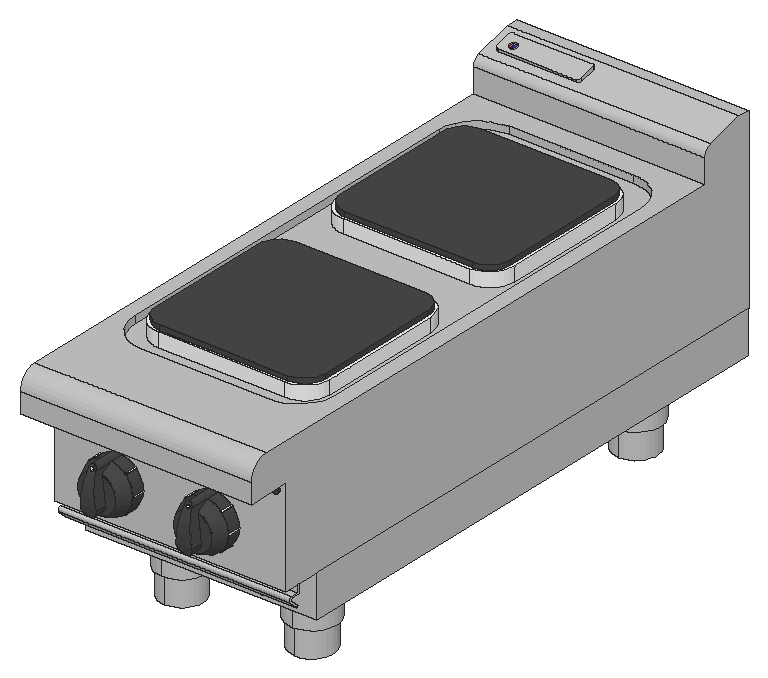
Revit family "QF_Moffat_RNL8200SE-B_Electric_Cooktops_Sealed_Hobs_cat", category Specialty Equipment, Revit 2019
Family settings
  Round Connector Dimension = Use Diameter
  Part Type = Normal
  Work Plane-Based = No
  Always vertical = Yes
  Cut with Voids When Loaded = No
  Shared = No
  Room Calculation Point = No
Parameters (values of type "RNL8200SE-B")
  Weight in Kilograms = 32
  Watts = 5060 W
  Volts = 230 V
  URL Cutsheet = ""
  Specification by User = ""
  Specification by Manufacturer = ""
  Serial Number = ""
  Seismic Rating = ""
  SMACNA No = ""
  Revision Code = ""
  Phase = 2
  Number of Poles = 1
  NAFEM Spec ID Number = ""
  Model = "RNL8200SE-B"
  Min Ckt Ampacity = 0 A
  Max Overcurrent Protection = 0 A
  Masterspec = ""
  Manufacturer = "Moffat"
  Length = 300 mm
  Item Number = ""
  Installed By = ""
  Identify Quantity as Lot = yes
  Height = 370 mm
  HP = ""
  Furnished By = ""
  Foodservice Equipment Identifier = yes
  FL Amps = 22 A
  Electrical Remarks = ""
  Electric Connection Type = ""
  Elec Conn RI Height = 0 mm
  Elec Conn Connection Height = 0 mm
  Description = "Electric Cooktops Sealed Hobs"
  Depth = 805 mm
  Cycle = 50 Hz
  Conn Plug = ""
  Conn Conduit = yes
  CSI MasterFormat = ""
  Apparent Power = if(Phase = 3, Volts * FL Amps * 1.73, Volts * FL Amps)  # 5060 VA
Reference planes
  plane 1 "BACK": y = 0
  plane 2: z = 0
  plane 3 "LEFT": x = 0
  plane 4 "RIGHT": x = 300
  plane 5 "FRONT": y = -805
  plane 6 "TOP": z = 315
  plane 7 "Center Y": x = 150
  plane 8 "Center X": y = -402.5
  plane 9: x = 65.5
  plane 10: x = 234.5
  plane 11: x = 87.5
  plane 12: x = 211.766
  plane 13: y = -30
  plane 14: x = 170
  plane 15: y = -625
  plane 16: y = -100
  plane 17: z = 370
Forms (mm)
  Extrusion 1, solid, material "QF_Metal_Stainless_Polished"
    sketch origin (0, 0, 0) x (0, 1, 0) y (0, 0, 1)
      loop
        line (0, 140) -> (0, 370) -> (-15, 370) -> (-61.106, 357.646)
        arc (-61.106, 357.646) -> (-67.52, 353.36) -> (-70, 346.055) r 12
        line (-70, 346.055) -> (-70, 315) -> (-781, 315)
        arc (-781, 315) -> (-797.971, 307.971) -> (-805, 291) r 24
        line (-805, 291) -> (-805, 266) -> (-749, 266) -> (-749, 140) -> (0, 140)
    from 0 to 300
  Extrusion 2, void
    sketch origin (0, -781, 315) x (0, 1, 0) y (-1, 0, 0)
      loop
        arc (680.8, -69) -> (666.155, -33.645) -> (630.8, -19) r 50
        line (630.8, -19) -> (137.799, -19)
        arc (137.799, -19) -> (102.444, -33.645) -> (87.799, -69) r 50
        line (87.799, -69) -> (87.799, -231)
        arc (87.799, -231) -> (102.444, -266.355) -> (137.799, -281) r 50
        line (137.799, -281) -> (630.8, -281)
        arc (630.8, -281) -> (666.155, -266.355) -> (680.8, -231) r 50
        line (680.8, -231) -> (680.8, -69)
    from 0 to -9.5
  Extrusion 3, solid, material "QF_Plastic_White_Smooth"
    sketch origin (0, -781, 305.5) x (0, 1, 0) y (-1, 0, 0)
      loop
        arc (643.009, -68) -> (633.637, -45.373) -> (611.009, -36) r 32
        line (611.009, -36) -> (446.995, -36)
        arc (446.995, -36) -> (424.368, -45.373) -> (414.995, -68) r 32
        line (414.995, -68) -> (414.995, -232)
        arc (414.995, -232) -> (424.368, -254.627) -> (446.995, -264) r 32
        line (446.995, -264) -> (611.009, -264)
        arc (611.009, -264) -> (633.637, -254.627) -> (643.009, -232) r 32
        line (643.009, -232) -> (643.009, -68)
      loop
        arc (343.009, -68) -> (333.636, -45.373) -> (311.009, -36) r 32
        line (311.009, -36) -> (147.026, -36)
        arc (147.026, -36) -> (124.398, -45.373) -> (115.026, -68) r 32
        line (115.026, -68) -> (115.026, -232)
        arc (115.026, -232) -> (124.398, -254.627) -> (147.026, -264) r 32
        line (147.026, -264) -> (311.009, -264)
        arc (311.009, -264) -> (333.636, -254.627) -> (343.009, -232) r 32
        line (343.009, -232) -> (343.009, -68)
    from 0 to 17.8
  Extrusion 4, solid, material "QF_Plastic_Black_Smooth"
    sketch origin (0, -781, 323.3) x (0, 1, 0) y (-1, 0, 0)
      loop
        arc (639.009, -67) -> (631.101, -47.908) -> (612.009, -40) r 27
        line (612.009, -40) -> (445.995, -40)
        arc (445.995, -40) -> (426.903, -47.908) -> (418.995, -67) r 27
        line (418.995, -67) -> (418.995, -233)
        arc (418.995, -233) -> (426.903, -252.092) -> (445.995, -260) r 27
        line (445.995, -260) -> (612.009, -260)
        arc (612.009, -260) -> (631.101, -252.092) -> (639.009, -233) r 27
        line (639.009, -233) -> (639.009, -67)
      loop
        arc (339.009, -67) -> (331.1, -47.908) -> (312.009, -40) r 27
        line (312.009, -40) -> (146.026, -40)
        arc (146.026, -40) -> (126.934, -47.908) -> (119.026, -67) r 27
        line (119.026, -67) -> (119.026, -233)
        arc (119.026, -233) -> (126.934, -252.092) -> (146.026, -260) r 27
        line (146.026, -260) -> (312.009, -260)
        arc (312.009, -260) -> (331.1, -252.092) -> (339.009, -233) r 27
        line (339.009, -233) -> (339.009, -67)
    from 0 to 6.1
  Extrusion 5, solid, material "QF_Metal_Stainless_Polished"
    sketch origin (0, 0, 0) x (0, 1, 0) y (0, 0, 1)
      loop
        line (-699, 85) -> (0, 85) -> (0, 140) -> (-699, 140) -> (-699, 85)
    from 0 to 300
  Extrusion 6, solid, material "QF_Metal_Stainless_Polished"
    sketch origin (0, 0, 0) x (0, 1, 0) y (0, 0, 1)
      loop
        line (-730.6, 140) -> (-730.6, 130) -> (-740.105, 130)
        arc (-740.105, 130) -> (-743.076, 128.015) -> (-742.379, 124.511) r 3.215
        line (-742.379, 124.511) -> (-731.85, 113.982) -> (-730.719, 115.113) -> (-741.247, 125.642)
        arc (-741.247, 125.642) -> (-741.597, 127.403) -> (-740.105, 128.4) r 1.615
        line (-740.105, 128.4) -> (-729, 128.4) -> (-729, 140) -> (-730.6, 140)
    from 0 to 300
  Extrusion 7, solid, material "QF_Metal_Stainless_Polished"
    sketch origin (150, 168.197, 1219.2) x (0, 1, 0) y (0, 0, 1)
      loop
        line (-867.197, -1109.2) -> (-889.234, -1109.2)
        arc (-889.234, -1109.2) -> (-890.834, -1110.8) -> (-889.234, -1112.4) r 1.6
        line (-889.234, -1112.4) -> (-867.197, -1112.4) -> (-867.197, -1109.2)
    from -100 to 100
  Extrusion 8, solid, material "QF_Paint_Green"
    sketch origin (0, -749, 141.25) x (0, 0, 1) y (-1, 0, 0)
      loop
        circle (101.3, -132.5) r 7.15
      loop
        circle (101.3, -257.5) r 7.15
    from 0 to 1.6
  Extrusion 9, solid, material "QF_Plastic_Black_Smooth"
    sketch origin (0, -749, 141.25) x (0, 0, 1) y (-1, 0, 0)
      loop
        circle (113.843, -13.157) r 5
      loop
        circle (113.843, -286.843) r 5
    from 0 to 1.6
  Extrusion 10, solid, material "QF_Metal_Stainless_Polished"
    sketch origin (-30, -689.8, 85) x (1, 0, 0) y (0, -1, 0)
      loop
        circle (200, -659.8) r 6.35
    from 0 to 1.6
Cuts and joins
  Extrusion 2 cuts Extrusion 1
Lines and regions (mm)
  symbolic lines
    curve 1: line (0, 0, 0) -> (300, 0, 0)
    curve 2: line (0, -805, 0) -> (0, 0, 0)
    curve 3: line (300, -805, 0) -> (0, -805, 0)
    curve 4: line (300, 0, 0) -> (300, -805, 0)
    curve 5: arc (19, -150.2, 0) -> (33.645, -114.845, 0) -> (69, -100.2, 0) r 50
    curve 6: line (69, -100.2, 0) -> (231, -100.2, 0)
    curve 7: arc (231, -100.2, 0) -> (266.355, -114.845, 0) -> (281, -150.2, 0) r 50
    curve 8: line (281, -150.2, 0) -> (281, -643.201, 0)
    curve 9: arc (281, -643.201, 0) -> (266.355, -678.556, 0) -> (231, -693.201, 0) r 50
    curve 10: line (231, -693.201, 0) -> (69, -693.201, 0)
    curve 11: arc (69, -693.201, 0) -> (33.645, -678.556, 0) -> (19, -643.201, 0) r 50
    curve 12: line (19, -643.201, 0) -> (19, -150.2, 0)
    curve 13: arc (68, -137.991, 0) -> (45.373, -147.363, 0) -> (36, -169.991, 0) r 32
    curve 14: line (36, -169.991, 0) -> (36, -334.005, 0)
    curve 15: arc (36, -334.005, 0) -> (45.373, -356.632, 0) -> (68, -366.005, 0) r 32
    curve 16: line (68, -366.005, 0) -> (232, -366.005, 0)
    curve 17: arc (232, -366.005, 0) -> (254.627, -356.632, 0) -> (264, -334.005, 0) r 32
    curve 18: line (264, -334.005, 0) -> (264, -169.991, 0)
    curve 19: arc (264, -169.991, 0) -> (254.627, -147.363, 0) -> (232, -137.991, 0) r 32
    curve 20: line (232, -137.991, 0) -> (68, -137.991, 0)
    curve 21: arc (67, -141.991, 0) -> (47.908, -149.899, 0) -> (40, -168.991, 0) r 27
    curve 22: line (40, -168.991, 0) -> (40, -335.005, 0)
    curve 23: arc (40, -335.005, 0) -> (47.908, -354.097, 0) -> (67, -362.005, 0) r 27
    curve 24: line (67, -362.005, 0) -> (233, -362.005, 0)
    curve 25: arc (233, -362.005, 0) -> (252.092, -354.097, 0) -> (260, -335.005, 0) r 27
    curve 26: line (260, -335.005, 0) -> (260, -168.991, 0)
    curve 27: arc (260, -168.991, 0) -> (252.092, -149.899, 0) -> (233, -141.991, 0) r 27
    curve 28: line (233, -141.991, 0) -> (67, -141.991, 0)
    curve 29: arc (68, -437.991, 0) -> (45.373, -447.364, 0) -> (36, -469.991, 0) r 32
    curve 30: line (36, -469.991, 0) -> (36, -633.974, 0)
    curve 31: arc (36, -633.974, 0) -> (45.373, -656.602, 0) -> (68, -665.974, 0) r 32
    curve 32: line (68, -665.974, 0) -> (232, -665.974, 0)
    curve 33: arc (232, -665.974, 0) -> (254.627, -656.602, 0) -> (264, -633.974, 0) r 32
    curve 34: line (264, -633.974, 0) -> (264, -469.991, 0)
    curve 35: arc (264, -469.991, 0) -> (254.627, -447.364, 0) -> (232, -437.991, 0) r 32
    curve 36: line (232, -437.991, 0) -> (68, -437.991, 0)
    curve 37: arc (67, -441.991, 0) -> (47.908, -449.9, 0) -> (40, -468.991, 0) r 27
    curve 38: line (40, -468.991, 0) -> (40, -634.974, 0)
    curve 39: arc (40, -634.974, 0) -> (47.908, -654.066, 0) -> (67, -661.974, 0) r 27
    curve 40: line (67, -661.974, 0) -> (233, -661.974, 0)
    curve 41: arc (233, -661.974, 0) -> (252.092, -654.066, 0) -> (260, -634.974, 0) r 27
    curve 42: line (260, -634.974, 0) -> (260, -468.991, 0)
    curve 43: arc (260, -468.991, 0) -> (252.092, -449.9, 0) -> (233, -441.991, 0) r 27
    curve 44: line (233, -441.991, 0) -> (67, -441.991, 0)
    curve 45: line (0, -15, 0) -> (300, -15, 0)
    curve 46: line (0, -70, 0) -> (300, -70, 0)
Dimensions and locks
  equal spacing: plane 3 "LEFT", plane 7 "Center Y", plane 4 "RIGHT"
  "Length": plane 3 "LEFT" to plane 4 "RIGHT"
  equal spacing: plane 5 "FRONT", plane 8 "Center X", plane 1 "BACK"
  "Depth": plane 5 "FRONT" to plane 1 "BACK"
  plane 9 to plane 10 = 169 mm
  plane 4 "RIGHT" to plane 3 "LEFT" = 300 mm
  plane 1 "BACK" to plane 5 "FRONT" = 805 mm
  plane 6 "TOP" to plane 2 = 315 mm
  cut or joined group of Extrusion 1, Extrusion 2 to plane 2 = 315 mm
  plane 2 to Extrusion 5 = 85 mm
  plane 1 "BACK" to nested 5 = 100 mm
  nested 5 to nested 1 = 525 mm
  plane 14 to plane 4 "RIGHT" = 130 mm
  plane 1 "BACK" to plane 13 = 30 mm
  plane 15 to plane 16 = 525 mm
  "Height": plane 17 to level
  aligned and locked: level to plane 2
Automatic sketch dimensions
  Extrusion 2 sketch curve to Extrusion 2 sketch curve = 50 mm  (x3)
  Extrusion 1 to Extrusion 2 sketch curve = 19 mm
  Extrusion 1 to Extrusion 2 sketch curve = 69 mm  (x2)
  Extrusion 3 sketch curve to Extrusion 2 = 27.226 mm
  Extrusion 3 sketch curve to Extrusion 2 = 17 mm  (x4)
  Extrusion 3 sketch curve to Extrusion 3 sketch curve = 32 mm  (x6)
  Extrusion 3 sketch curve to Extrusion 2 = 49 mm
  Extrusion 3 sketch curve to Extrusion 3 sketch curve = 163.983 mm
  Extrusion 3 sketch curve to Extrusion 3 sketch curve = 71.987 mm
  Extrusion 3 sketch curve to Extrusion 2 = 69.791 mm  (x2)
  Extrusion 4 sketch curve to Extrusion 3 = 4 mm  (x8)
  Extrusion 4 sketch curve to Extrusion 3 = 31 mm  (x8)
  Extrusion 5 sketch curve to plane 1 "BACK" = 0 mm
  Extrusion 5 sketch curve to plane 5 "FRONT" = 106 mm
  level to Extrusion 5 sketch curve = 85 mm
  Extrusion 5 sketch curve to Extrusion 5 sketch curve = 55 mm
  Extrusion 6 sketch curve to Extrusion 6 sketch curve = 0 mm  (x2)
  Extrusion 6 sketch curve to plane 5 "FRONT" = 62.621 mm
  Extrusion 6 sketch curve to Extrusion 6 sketch curve = 1.131 mm  (x3)
  Extrusion 6 sketch curve to Extrusion 6 sketch curve = 1.142 mm  (x2)
  Extrusion 6 sketch curve to Extrusion 6 sketch curve = 10.529 mm
  Extrusion 6 sketch curve to Extrusion 6 sketch curve = 9.505 mm
  Extrusion 6 sketch curve to Extrusion 6 sketch curve = 1.6 mm
  level to Extrusion 6 sketch curve = 113.982 mm
  Extrusion 6 sketch curve to Extrusion 6 sketch curve = 10 mm
  Extrusion 7 sketch curve to plane 5 "FRONT" = 83.963 mm
  Extrusion 7 sketch curve to Extrusion 7 sketch curve = 22.037 mm
  level to Extrusion 7 sketch curve = 106.8 mm
  Extrusion 7 sketch curve to Extrusion 7 sketch curve = 1.6 mm
  Extrusion 1 to Extrusion 8 sketch curve = 23.45 mm  (x2)
  Extrusion 1 to Extrusion 8 sketch curve = 42.5 mm
  Extrusion 8 sketch curve to Extrusion 8 sketch curve = 125 mm
  Extrusion 1 to Extrusion 9 sketch curve = 10.907 mm  (x2)
  Extrusion 1 to Extrusion 9 sketch curve = 13.157 mm  (x2)
  Extrusion 10 sketch curve to Extrusion 5 = 30 mm
  Extrusion 10 sketch curve to Extrusion 5 = 130 mm
  Extrusion 1 sketch curve to plane 5 "FRONT" = 56 mm
  Extrusion 1 sketch curve to Extrusion 1 sketch curve = 49 mm
  Extrusion 1 sketch curve to plane 5 "FRONT" = 24 mm
  Extrusion 1 sketch curve to plane 5 "FRONT" = 0 mm
  Extrusion 2 sketch curve to Extrusion 1 = 137.799 mm
  plane 1 "BACK" to curve 1 = 0 mm
  curve 1 to plane 3 "LEFT" = 0 mm
  plane 5 "FRONT" to curve 3 = 0 mm
  plane 3 "LEFT" to curve 12 = 19 mm
  curve 12 to curve 14 = 17 mm
  curve 30 to plane 15 = 8.974 mm
  curve 12 to curve 30 = 17 mm
  curve 13 to curve 22 = 4 mm
  curve 29 to curve 38 = 4 mm
  curve 37 to plane 9 = 1.5 mm
  curve 23 to plane 9 = 1.5 mm
  curve 39 to plane 9 = 1.5 mm
  curve 28 to plane 9 = 1.5 mm
  curve 23 to curve 15 = 1 mm
  curve 21 to curve 13 = 1 mm
  curve 37 to curve 29 = 1 mm
  curve 39 to curve 31 = 1 mm
  curve 6 to plane 16 = 0.2 mm
  curve 6 to plane 9 = 3.5 mm
  curve 10 to plane 9 = 3.5 mm
  plane 10 to curve 7 = 3.5 mm
  plane 10 to curve 10 = 3.5 mm
  plane 10 to curve 35 = 2.5 mm
  plane 10 to curve 33 = 2.5 mm
  plane 10 to curve 16 = 2.5 mm
  plane 10 to curve 19 = 2.5 mm
  plane 10 to curve 44 = 1.5 mm
  plane 10 to curve 24 = 1.5 mm
  plane 10 to curve 28 = 1.5 mm
  plane 10 to curve 40 = 1.5 mm
  curve 42 to plane 10 = 25.5 mm
  curve 26 to plane 10 = 25.5 mm
  curve 42 to curve 34 = 4 mm
  curve 26 to curve 18 = 4 mm
  plane 4 "RIGHT" to curve 8 = 19 mm
  curve 10 to curve 32 = 27.226 mm
  curve 31 to curve 40 = 4 mm
  curve 35 to plane 8 "Center X" = 67.491 mm
  curve 29 to curve 38 = 1 mm
  plane 8 "Center X" to curve 16 = 36.495 mm
  curve 15 to curve 24 = 4 mm
  curve 19 to curve 7 = 19.791 mm
  curve 13 to curve 22 = 1 mm
  Extrusion 1 sketch curve to Extrusion 1 sketch curve = 126 mm
  curve 4 to plane 4 "RIGHT" = 0 mm
  plane 16 to Extrusion 1 sketch curve = 30 mm
  plane 6 "TOP" to Extrusion 1 sketch curve = 31.055 mm
  Extrusion 1 sketch curve to Extrusion 1 sketch curve = 12 mm
  Extrusion 1 sketch curve to Extrusion 1 sketch curve = 3.106 mm
  plane 1 "BACK" to Extrusion 1 sketch curve = 15 mm
  Extrusion 1 sketch curve to Extrusion 1 sketch curve = 12.354 mm
  Extrusion 1 sketch curve to plane 1 "BACK" = 0 mm
  Extrusion 1 sketch curve to plane 6 "TOP" = 0 mm
  Extrusion 2 sketch curve to Extrusion 1 = 80.2 mm
  curve 45 to curve 1 = 15 mm
  plane 16 to curve 46 = 30 mm
  radius of Extrusion 8 sketch curve = 7.15 mm  (x2)
  radius of Extrusion 9 sketch curve = 5 mm  (x2)
  radius of Extrusion 10 sketch curve = 6.35 mm
Nested families
  nested 1: "Small Leg" at (33.75, -593.25, 0), type "Small Leg"
  nested 2: "Small Leg" at (266.25, -593.25, 0) x (-1, 0, 0) z (0, 0, 1), type "Small Leg"
  nested 3: "Knob" at (55.003, -746.031, 164.502), type "Knob"
  nested 4: "Knob" at (179.269, -746.031, 164.502), type "Knob"
  nested 5: "Small Leg" at (33.75, -68.25, 0), type "Small Leg"
  nested 6: "Small Leg" at (266.25, -68.25, 0) x (-1, 0, 0) z (0, 0, 1), type "Small Leg"
  nested 7: "QF_LOGO_Waldorf" at (12, -23.793, 340.933), type "QF_LOGO_Waldorf"
Connectors
  electrical at (170, -30, 83.4), driven by "Volts", driven by "Watts"
    settings: on Extrusion 10, index 1, voltage 230 V, apparent load 5060 VA, apparent load phase1 0 VA, apparent load phase2 0 VA, apparent load phase3 0 VA, power factor 1, load classification "Other", number of poles 1, system type 30, power factor state 1, is connector primary yes, connector utility no, sub classification motor no, connector description "Electrical Connection"
Definition of nested family "Small Leg"
  Parameters (values of type "Small Leg")
    Weight in Pounds = 0
    URL Cutsheet = ""
    Specification by User = ""
    Specification by Manufacturer = ""
    Serial Number = ""
    Seismic Rating = ""
    SMACNA No = ""
    Revision Code = ""
    NAFEM Spec ID Number = ""
    Masterspec = ""
    Length = 63.5 mm
    Item Number = ""
    Installed By = ""
    Identify Quantity as Lot = yes
    Height = 85 mm
    Furnished By = ""
    Foodservice Equipment Identifier = yes
    Depth = 63.5 mm
    CSI MasterFormat = ""
  Reference planes
    plane 1 "BACK": y = 0
    plane 2: z = 0
    plane 3 "LEFT": x = 0
    plane 4 "RIGHT": x = 63.5
    plane 5 "FRONT": y = -63.5
    plane 6 "TOP": z = 85
    plane 7 "Center Y": x = 31.75
    plane 8 "Center X": y = -31.75
  Forms (mm)
    Revolve 1, solid
      sketch origin (31.75, 175.397, 1219.2) x (0, 1, 0) y (0, 0, 1)
        loop
          line (-207.147, -1134.2) -> (-207.147, -1219.2) -> (-179.647, -1219.2) -> (-179.647, -1184.2) -> (-175.397, -1184.2) -> (-175.397, -1134.2) -> (-207.147, -1134.2)
        axis (-207.147, -1134.2) -> (-207.147, -1219.2)
      angle from 0 to 360
  Dimensions and locks
    equal spacing: plane 3 "LEFT", plane 7 "Center Y", plane 4 "RIGHT"
    "Length": plane 3 "LEFT" to plane 4 "RIGHT"
    equal spacing: plane 5 "FRONT", plane 8 "Center X", plane 1 "BACK"
    "Depth": plane 5 "FRONT" to plane 1 "BACK"
    "Height": plane 6 "TOP" to level
    plane 4 "RIGHT" to plane 3 "LEFT" = 63.5 mm
    aligned and locked: level to plane 2
  Automatic sketch dimensions
    Revolve 1 sketch curve to plane 6 "TOP" = 0 mm
    Revolve 1 sketch curve to plane 8 "Center X" = 0 mm  (x2)
    Revolve 1 sketch curve to level = 0 mm  (x2)
    Revolve 1 sketch curve to plane 1 "BACK" = 0 mm
    Revolve 1 sketch curve to Revolve 1 sketch curve = 4.25 mm
    level to Revolve 1 sketch curve = 35 mm
    Revolve 1 sketch curve to Revolve 1 sketch curve = 20 mm
Definition of nested family "Knob"
  Parameters (values of type "Knob")
    Weight in Pounds = 0
    URL Cutsheet = ""
    Specification by User = ""
    Specification by Manufacturer = ""
    Serial Number = ""
    Seismic Rating = ""
    SMACNA No = ""
    Revision Code = ""
    NAFEM Spec ID Number = ""
    Masterspec = ""
    Length = 65 mm
    Item Number = ""
    Installed By = ""
    Identify Quantity as Lot = yes
    Height = 69.5 mm
    Furnished By = ""
    Foodservice Equipment Identifier = yes
    Depth = 59 mm
    CSI MasterFormat = ""
  Reference planes
    plane 1 "BACK": y = 0
    plane 2: z = 0
    plane 3 "LEFT": x = 0
    plane 4 "RIGHT": x = 65
    plane 5 "FRONT": y = -59
    plane 6 "TOP": z = 69.5
    plane 7 "Center Y": x = 32.5
    plane 8 "Center X": y = -29.5
  Forms (mm)
    Revolve 1, solid
      sketch origin (32.5, 175.397, 1219.2) x (0, 1, 0) y (0, 0, 1)
        loop
          line (-175.397, -1186.7) -> (-219.397, -1186.7) -> (-219.397, -1211.501) -> (-202.106, -1219.2) -> (-185.397, -1219.2) -> (-185.397, -1191.7) -> (-175.397, -1191.7) -> (-175.397, -1186.7)
        axis (-219.397, -1186.7) -> (-175.397, -1186.7)
      angle from 0 to 360
    Extrusion 2, solid
      sketch origin (32.5, 175.397, 1219.2) x (0, 1, 0) y (0, 0, 1)
        loop
          line (-202.106, -1154.2) -> (-185.397, -1154.2) -> (-185.397, -1149.7) -> (-224.105, -1149.7)
          arc (-224.105, -1149.7) -> (-233.965, -1178.467) -> (-230.696, -1208.7) r 70
          line (-230.696, -1208.7) -> (-219.397, -1208.7) -> (-219.397, -1161.899) -> (-202.106, -1154.2)
      from -15 to 15
    Extrusion 3, void
      sketch origin (0, 0, 0) x (1, 0, 0) y (0, 0, 1)
        loop
          line (27.501, 64.613) -> (22.02, 20.585)
          arc (22.02, 20.585) -> (32.792, 10.488) -> (42.986, 21.169) r 10.487
          line (42.986, 21.169) -> (37.499, 64.613)
          arc (37.499, 64.613) -> (32.5, 69.5) -> (27.501, 64.613) r 5
        loop
          line (10, 72.977) -> (10, 5.625) -> (55, 5.625) -> (55, 72.977) -> (10, 72.977)
      from 6.142 to 69.687
    Extrusion 4, solid
      sketch origin (0, -34.115, -16.916) x (1, 0, 0) y (0, 0.45399, 0.891007)
        loop
          circle (32.497, 65) r 2
      from 51.525 to 53.075
    Extrusion 5, solid
      sketch origin (32.5, -10, 32.5) x (0, 0, -1) y (-1, 0, 0)
        loop
          line (-23.54, -22.408) -> (-24.106, -22.974)
          arc (-24.106, -22.974) -> (-23.547, -23.547) -> (-22.974, -24.106) r 33.3
          line (-22.974, -24.106) -> (-22.408, -23.54)
          arc (-22.408, -23.54) -> (-22.981, -22.981) -> (-23.54, -22.408) r 32.5
        loop
          arc (-0.8, -33.29) -> (0, -33.3) -> (0.8, -33.29) r 33.3
          line (0.8, -33.29) -> (0.8, -32.49)
          arc (0.8, -32.49) -> (0, -32.5) -> (-0.8, -32.49) r 32.5
          line (-0.8, -32.49) -> (-0.8, -33.29)
        loop
          arc (23.54, -22.408) -> (22.981, -22.981) -> (22.408, -23.54) r 32.5
          line (22.408, -23.54) -> (22.974, -24.106)
          arc (22.974, -24.106) -> (23.547, -23.547) -> (24.106, -22.974) r 33.3
          line (24.106, -22.974) -> (23.54, -22.408)
        loop
          arc (-23.54, 22.408) -> (-22.981, 22.981) -> (-22.408, 23.54) r 32.5
          line (-22.408, 23.54) -> (-22.974, 24.106)
          arc (-22.974, 24.106) -> (-23.547, 23.547) -> (-24.106, 22.974) r 33.3
          line (-24.106, 22.974) -> (-23.54, 22.408)
        loop
          line (-0.8, 33.29) -> (-0.8, 32.49)
          arc (-0.8, 32.49) -> (0, 32.5) -> (0.8, 32.49) r 32.5
          line (0.8, 32.49) -> (0.8, 33.29)
          arc (0.8, 33.29) -> (0, 33.3) -> (-0.8, 33.29) r 33.3
        loop
          line (32.49, -0.8) -> (33.29, -0.8)
          arc (33.29, -0.8) -> (33.3, 0) -> (33.29, 0.8) r 33.3
          line (33.29, 0.8) -> (32.49, 0.8)
          arc (32.49, 0.8) -> (32.5, 0) -> (32.49, -0.8) r 32.5
        loop
          arc (24.106, 22.974) -> (23.547, 23.547) -> (22.974, 24.106) r 33.3
          line (22.974, 24.106) -> (22.408, 23.54)
          arc (22.408, 23.54) -> (22.981, 22.981) -> (23.54, 22.408) r 32.5
          line (23.54, 22.408) -> (24.106, 22.974)
      from 0 to -16.709
  Cuts and joins
    Extrusion 3 cuts Extrusion 2
  Dimensions and locks
    equal spacing: plane 3 "LEFT", plane 7 "Center Y", plane 4 "RIGHT"
    "Length": plane 3 "LEFT" to plane 4 "RIGHT"
    equal spacing: plane 5 "FRONT", plane 8 "Center X", plane 1 "BACK"
    "Depth": plane 5 "FRONT" to plane 1 "BACK"
    "Height": plane 6 "TOP" to level
    plane 4 "RIGHT" to plane 3 "LEFT" = 65 mm
    aligned and locked: level to plane 2
  Automatic sketch dimensions
    Revolve 1 sketch curve to level = 0 mm
    Revolve 1 sketch curve to plane 1 "BACK" = 0 mm  (x2)
    plane 1 "BACK" to Revolve 1 sketch curve = 10 mm
    plane 8 "Center X" to Revolve 1 sketch curve = 2.791 mm
    Revolve 1 sketch curve to plane 8 "Center X" = 14.5 mm
    level to Revolve 1 sketch curve = 7.699 mm
    level to Revolve 1 sketch curve = 27.5 mm
    Revolve 1 sketch curve to Revolve 1 sketch curve = 5 mm
    Revolve 1 sketch curve to Revolve 1 sketch curve = 35 mm
    Revolve 1 sketch curve to Revolve 1 sketch curve = 0 mm
    Extrusion 2 sketch curve to plane 6 "TOP" = 0 mm
    Extrusion 2 sketch curve to plane 5 "FRONT" = 3.702 mm
    Extrusion 2 sketch curve to plane 5 "FRONT" = 10.293 mm
    Extrusion 2 sketch curve to Extrusion 2 sketch curve = 11.298 mm
    plane 8 "Center X" to Extrusion 2 sketch curve = 2.791 mm
    plane 1 "BACK" to Extrusion 2 sketch curve = 10 mm
    Extrusion 2 sketch curve to plane 1 "BACK" = 11 mm
    Extrusion 2 sketch curve to plane 6 "TOP" = 4.5 mm
    Extrusion 2 sketch curve to plane 6 "TOP" = 12.199 mm
    level to Extrusion 2 sketch curve = 32.962 mm
    level to Extrusion 3 sketch curve = 5.625 mm
    Extrusion 3 sketch curve to plane 7 "Center Y" = 0 mm  (x2)
    Extrusion 3 sketch curve to plane 7 "Center Y" = 4.999 mm
    Extrusion 3 sketch curve to plane 7 "Center Y" = 10.48 mm
    plane 6 "TOP" to Extrusion 3 sketch curve = 3.477 mm
    plane 3 "LEFT" to Extrusion 3 sketch curve = 10 mm
    Extrusion 3 sketch curve to plane 6 "TOP" = 4.887 mm
    Extrusion 3 sketch curve to Extrusion 3 sketch curve = 4.999 mm
    plane 7 "Center Y" to Extrusion 3 sketch curve = 10.486 mm
    level to Extrusion 3 sketch curve = 20.585 mm
    Extrusion 3 sketch curve to Extrusion 3 sketch curve = 0.387 mm
    Extrusion 3 sketch curve to Extrusion 3 sketch curve = 0.113 mm
    plane 4 "RIGHT" to Extrusion 3 sketch curve = 10 mm
    Extrusion 5 sketch curve to Revolve 1 = 32.49 mm
    Revolve 1 to Extrusion 5 sketch curve = 32.49 mm
    Extrusion 5 sketch curve to Revolve 1 = 23.54 mm  (x2)
    Revolve 1 to Extrusion 5 sketch curve = 23.54 mm  (x2)
    Extrusion 5 sketch curve to Revolve 1 = 24.106 mm  (x2)
    Revolve 1 to Extrusion 5 sketch curve = 24.106 mm  (x2)
    Revolve 1 to Extrusion 5 sketch curve = 22.408 mm  (x2)
    Extrusion 5 sketch curve to Revolve 1 = 22.408 mm  (x2)
    Revolve 1 to Extrusion 5 sketch curve = 22.974 mm  (x2)
    Extrusion 5 sketch curve to Revolve 1 = 22.974 mm  (x2)
    Extrusion 5 sketch curve to Extrusion 5 sketch curve = 1.6 mm  (x2)
    Revolve 1 to Extrusion 5 sketch curve = 0.8 mm
    Extrusion 5 sketch curve to Revolve 1 = 0.8 mm
    Extrusion 4 sketch curve to plane 7 "Center Y" = 0.003 mm
    radius of Extrusion 5 sketch curve to Revolve 1 = 0 mm  (x7)
    radius of Revolve 1 to Extrusion 5 sketch curve = 0.8 mm  (x7)
    radius of Extrusion 4 sketch curve = 2 mm
Definition of nested family "QF_LOGO_Waldorf"
  Parameters (values of type "QF_LOGO_Waldorf")
    Weight in Pounds = 0
    URL Cutsheet = ""
    Specification by User = ""
    Specification by Manufacturer = ""
    Serial Number = ""
    Seismic Rating = ""
    SMACNA No = ""
    Revision Code = ""
    NAFEM Spec ID Number = ""
    Masterspec = ""
    Length = 138 mm
    Item Number = ""
    Installed By = ""
    Identify Quantity as Lot = yes
    Height = 26.711 mm
    Furnished By = ""
    Foodservice Equipment Identifier = yes
    Depth = 3.175 mm
    CSI MasterFormat = ""
  Reference planes
    plane 1 "BACK": y = 0
    plane 2: z = 0
    plane 3 "LEFT": x = 0
    plane 4 "RIGHT": x = 138
    plane 5 "FRONT": y = -3.175
    plane 6 "TOP": z = 26.711
    plane 7 "Center Y": x = 69
    plane 8 "Center X": y = -1.587
  Forms (mm)
    Extrusion 1, solid
      sketch origin (0, -25.801, 19.798) x (1, 0, 0) y (0, 0.965926, 0.258819)
        loop
          line (109, 3.464) -> (109, 23.247)
          spline (109, 23.247) -> (108.966, 23.699) -> (108.864, 24.143) -> (108.696, 24.572) -> (108.464, 24.979) -> (108.173, 25.355) -> (107.828, 25.696) -> (107.435, 25.995) -> (107, 26.247) -> (106.531, 26.447) -> (106.035, 26.593) -> (105.522, 26.681) -> (105, 26.711)
          line (105, 26.711) -> (4, 26.711)
          spline (4, 26.711) -> (3.478, 26.681) -> (2.965, 26.593) -> (2.469, 26.447) -> (2, 26.247) -> (1.565, 25.995) -> (1.172, 25.696) -> (0.827, 25.355) -> (0.536, 24.979) -> (0.304, 24.572) -> (0.136, 24.143) -> (0.034, 23.699) -> (0, 23.247)
          line (0, 23.247) -> (0, 3.464)
          spline (0, 3.464) -> (0.034, 3.012) -> (0.136, 2.568) -> (0.304, 2.138) -> (0.536, 1.732) -> (0.827, 1.355) -> (1.172, 1.015) -> (1.565, 0.716) -> (2, 0.464) -> (2.469, 0.264) -> (2.965, 0.118) -> (3.478, 0.03) -> (4, 0)
          line (4, 0) -> (105, 0)
          spline (105, 0) -> (105.522, 0.03) -> (106.035, 0.118) -> (106.531, 0.264) -> (107, 0.464) -> (107.435, 0.716) -> (107.828, 1.015) -> (108.173, 1.355) -> (108.464, 1.732) -> (108.696, 2.138) -> (108.864, 2.568) -> (108.966, 3.012) -> (109, 3.464)
        loop
          line (14.75, 7.005) -> (14.75, 15.654)
          arc (14.75, 15.654) -> (10.425, 11.329) -> (14.75, 7.005) r 4.325
        loop
          line (15.25, 15.654) -> (15.25, 7.005)
          arc (15.25, 7.005) -> (19.575, 11.329) -> (15.25, 15.654) r 4.325
      from 0 to 3.2
    Extrusion 2, solid
      sketch origin (0, -25.801, 19.798) x (1, 0, 0) y (0, 0.965926, 0.258819)
        loop
          line (15.25, 15.654) -> (15.25, 7.005)
          arc (15.25, 7.005) -> (19.575, 11.329) -> (15.25, 15.654) r 4.325
      from 0 to 3.2
    Extrusion 3, solid
      sketch origin (16.271, -25.801, 19.798) x (-1, 0, 0) y (0, -0.965926, -0.258819)
        loop
          arc (1.521, -15.654) -> (5.846, -11.329) -> (1.521, -7.005) r 4.325
          line (1.521, -7.005) -> (1.521, -15.654)
      from 0 to 3.2
  Lines and regions (mm)
    Split face 1
      outline origin (0, -26.629, 22.888) x (1, 0, 0) y (0, 0.965926, 0.258819)
        loop
          spline (22.129, 16.975) -> (22.389, 15.984) -> (22.649, 15.002) -> (22.91, 14.028) -> (23.172, 13.065) -> (23.433, 12.11) -> (23.695, 11.166) -> (23.956, 10.232) -> (24.218, 9.308) -> (24.479, 8.396) -> (24.74, 7.495) -> (25, 6.605) -> (25.26, 5.728)
          line (25.26, 5.728) -> (29.463, 5.728)
          spline (29.463, 5.728) -> (29.582, 6.252) -> (29.701, 6.78) -> (29.82, 7.313) -> (29.939, 7.85) -> (30.058, 8.391) -> (30.178, 8.936) -> (30.297, 9.485) -> (30.416, 10.038) -> (30.536, 10.594) -> (30.655, 11.155) -> (30.775, 11.719) -> (30.894, 12.287)
          spline (30.894, 12.287) -> (31.018, 11.719) -> (31.142, 11.155) -> (31.266, 10.594) -> (31.39, 10.038) -> (31.514, 9.485) -> (31.638, 8.936) -> (31.762, 8.391) -> (31.885, 7.85) -> (32.009, 7.313) -> (32.133, 6.78) -> (32.256, 6.252) -> (32.379, 5.728)
          line (32.379, 5.728) -> (36.51, 5.728)
          spline (36.51, 5.728) -> (36.766, 6.605) -> (37.023, 7.495) -> (37.28, 8.396) -> (37.538, 9.308) -> (37.795, 10.232) -> (38.053, 11.166) -> (38.311, 12.11) -> (38.569, 13.065) -> (38.826, 14.028) -> (39.083, 15.002) -> (39.34, 15.984) -> (39.597, 16.975)
          line (39.597, 16.975) -> (35.637, 16.975)
          spline (35.637, 16.975) -> (35.523, 16.334) -> (35.41, 15.697) -> (35.296, 15.063) -> (35.182, 14.433) -> (35.068, 13.807) -> (34.954, 13.185) -> (34.84, 12.566) -> (34.726, 11.952) -> (34.612, 11.342) -> (34.497, 10.737) -> (34.383, 10.135) -> (34.269, 9.538)
          spline (34.269, 9.538) -> (34.138, 10.135) -> (34.008, 10.737) -> (33.877, 11.342) -> (33.746, 11.952) -> (33.616, 12.566) -> (33.485, 13.185) -> (33.354, 13.807) -> (33.224, 14.433) -> (33.093, 15.063) -> (32.963, 15.697) -> (32.833, 16.334) -> (32.703, 16.975)
          line (32.703, 16.975) -> (29.247, 16.975)
          spline (29.247, 16.975) -> (29.111, 16.334) -> (28.974, 15.697) -> (28.837, 15.063) -> (28.7, 14.433) -> (28.562, 13.807) -> (28.425, 13.185) -> (28.288, 12.566) -> (28.15, 11.952) -> (28.013, 11.342) -> (27.875, 10.737) -> (27.738, 10.135) -> (27.6, 9.538)
          spline (27.6, 9.538) -> (27.483, 10.135) -> (27.366, 10.737) -> (27.249, 11.342) -> (27.132, 11.952) -> (27.015, 12.566) -> (26.897, 13.185) -> (26.78, 13.807) -> (26.663, 14.433) -> (26.546, 15.063) -> (26.43, 15.697) -> (26.313, 16.334) -> (26.196, 16.975)
          line (26.196, 16.975) -> (22.129, 16.975)
    Split face 2
      outline origin (0, -26.629, 22.888) x (1, 0, 0) y (0, 0.965926, 0.258819)
        loop
          line (51.449, 5.728) -> (51.035, 6.606) -> (51.035, 11.169)
          spline (51.035, 11.169) -> (50.686, 12.42) -> (50.176, 13.224) -> (49.51, 13.708) -> (48.693, 13.995) -> (47.747, 14.152) -> (46.698, 14.207) -> (45.579, 14.186) -> (44.419, 14.114) -> (43.279, 13.929) -> (42.249, 13.481) -> (41.424, 12.614) -> (40.897, 11.169)
          line (40.897, 11.169) -> (44.617, 11.169) -> (44.988, 11.965)
          spline (44.988, 11.965) -> (47.294, 11.682) -> (46.856, 10.932) -> (45.527, 10.609) -> (43.858, 10.439) -> (42.259, 10.123) -> (41.078, 9.417) -> (40.563, 8.246) -> (40.689, 6.989) -> (41.407, 6.052) -> (42.774, 5.536) -> (44.847, 5.497) -> (47.306, 6.602)
          line (47.306, 6.602) -> (47.624, 5.728) -> (51.449, 5.728)
    Split face 3
      outline origin (0, -26.629, 22.888) x (1, 0, 0) y (0, 0.965926, 0.258819)
        loop
          line (47.264, 9.264) -> (44.938, 8.597)
          spline (44.938, 8.597) -> (44.508, 8.228) -> (44.402, 7.9) -> (44.548, 7.626) -> (44.877, 7.42) -> (45.317, 7.295) -> (45.797, 7.265) -> (46.252, 7.342) -> (46.65, 7.525) -> (46.971, 7.813) -> (47.194, 8.201) -> (47.298, 8.685) -> (47.264, 9.264)
    Split face 4
      outline origin (0, -26.629, 22.888) x (1, 0, 0) y (0, 0.965926, 0.258819)
        loop
          line (53.33, 16.975) -> (53.33, 5.728) -> (57.173, 5.728) -> (57.173, 16.975) -> (53.33, 16.975)
    Split face 5
      outline origin (0, -26.629, 22.888) x (1, 0, 0) y (0, 0.965926, 0.258819)
        loop
          line (65.795, 16.975) -> (65.795, 12.976)
          spline (65.795, 12.976) -> (63.839, 14.082) -> (62.087, 14.096) -> (60.633, 13.343) -> (59.574, 12.148) -> (58.99, 10.806) -> (58.867, 9.452) -> (59.156, 8.159) -> (59.81, 7) -> (60.786, 6.056) -> (62.111, 5.514) -> (63.868, 5.634) -> (66.137, 6.679)
          line (66.137, 6.679) -> (66.137, 5.728) -> (69.511, 5.728) -> (69.511, 16.975) -> (65.795, 16.975)
    Split face 6
      outline origin (0, -26.629, 22.888) x (1, 0, 0) y (0, 0.965926, 0.258819)
        loop
          spline (64.273, 7.499) -> (64.754, 7.57) -> (65.202, 7.777) -> (65.587, 8.106) -> (65.882, 8.535) -> (66.067, 9.034) -> (66.131, 9.57) -> (66.067, 10.106) -> (65.882, 10.605) -> (65.587, 11.034) -> (65.202, 11.363) -> (64.754, 11.57) -> (64.273, 11.64)
          spline (64.273, 11.64) -> (63.793, 11.57) -> (63.345, 11.363) -> (62.96, 11.034) -> (62.665, 10.605) -> (62.479, 10.106) -> (62.416, 9.57) -> (62.479, 9.034) -> (62.665, 8.535) -> (62.96, 8.106) -> (63.345, 7.777) -> (63.793, 7.57) -> (64.273, 7.499)
    Split face 7
      outline origin (0, -26.629, 22.888) x (1, 0, 0) y (0, 0.965926, 0.258819)
        loop
          spline (76.449, 5.305) -> (77.855, 5.457) -> (79.166, 5.901) -> (80.291, 6.607) -> (81.155, 7.527) -> (81.698, 8.599) -> (81.883, 9.749) -> (81.698, 10.899) -> (81.155, 11.97) -> (80.291, 12.891) -> (79.166, 13.597) -> (77.855, 14.041) -> (76.449, 14.192)
          spline (76.449, 14.192) -> (75.042, 14.041) -> (73.731, 13.597) -> (72.606, 12.891) -> (71.742, 11.97) -> (71.199, 10.899) -> (71.014, 9.749) -> (71.199, 8.599) -> (71.742, 7.527) -> (72.606, 6.607) -> (73.731, 5.901) -> (75.042, 5.457) -> (76.449, 5.305)
    Split face 8
      outline origin (0, -26.629, 22.888) x (1, 0, 0) y (0, 0.965926, 0.258819)
        loop
          spline (76.449, 7.654) -> (76.841, 7.725) -> (77.206, 7.934) -> (77.52, 8.267) -> (77.76, 8.701) -> (77.912, 9.206) -> (77.963, 9.749) -> (77.912, 10.291) -> (77.76, 10.796) -> (77.52, 11.23) -> (77.206, 11.563) -> (76.841, 11.772) -> (76.449, 11.843)
          spline (76.449, 11.843) -> (76.057, 11.772) -> (75.691, 11.563) -> (75.378, 11.23) -> (75.137, 10.796) -> (74.986, 10.291) -> (74.934, 9.749) -> (74.986, 9.206) -> (75.137, 8.701) -> (75.378, 8.267) -> (75.691, 7.934) -> (76.057, 7.725) -> (76.449, 7.654)
    Split face 9
      outline origin (0, -26.629, 22.888) x (1, 0, 0) y (0, 0.965926, 0.258819)
        loop
          line (86.998, 12.335) -> (86.998, 13.879) -> (83.479, 13.879) -> (83.479, 5.728) -> (87.312, 5.728) -> (87.312, 8.975)
          spline (87.312, 8.975) -> (87.364, 9.356) -> (87.458, 9.686) -> (87.594, 9.968) -> (87.769, 10.204) -> (87.982, 10.398) -> (88.229, 10.55) -> (88.509, 10.666) -> (88.82, 10.746) -> (89.16, 10.794) -> (89.525, 10.812) -> (89.915, 10.803) -> (90.327, 10.77)
          line (90.327, 10.77) -> (90.327, 14.113)
          spline (90.327, 14.113) -> (89.929, 14.127) -> (89.552, 14.111) -> (89.197, 14.066) -> (88.865, 13.991) -> (88.554, 13.887) -> (88.266, 13.754) -> (87.999, 13.591) -> (87.755, 13.399) -> (87.532, 13.177) -> (87.332, 12.926) -> (87.154, 12.645) -> (86.998, 12.335)
    Split face 10
      outline origin (0, -26.629, 22.888) x (1, 0, 0) y (0, 0.965926, 0.258819)
        loop
          line (92.082, 13.879) -> (90.894, 13.879) -> (90.894, 11.972) -> (92.082, 11.972) -> (92.082, 5.728) -> (95.871, 5.728) -> (95.871, 11.972) -> (97.5, 11.972) -> (97.5, 13.879) -> (95.871, 13.879)
          spline (95.871, 13.879) -> (95.843, 14.088) -> (95.845, 14.278) -> (95.877, 14.447) -> (95.939, 14.596) -> (96.03, 14.726) -> (96.151, 14.835) -> (96.301, 14.925) -> (96.482, 14.995) -> (96.692, 15.045) -> (96.931, 15.075) -> (97.201, 15.085) -> (97.5, 15.076)
          line (97.5, 15.076) -> (97.5, 17.266) -> (95.367, 17.266)
          spline (95.367, 17.266) -> (94.982, 17.253) -> (94.58, 17.21) -> (94.174, 17.132) -> (93.774, 17.013) -> (93.39, 16.846) -> (93.034, 16.627) -> (92.717, 16.349) -> (92.448, 16.007) -> (92.24, 15.595) -> (92.102, 15.106) -> (92.046, 14.537) -> (92.082, 13.879)
  Dimensions and locks
    equal spacing: plane 3 "LEFT", plane 7 "Center Y", plane 4 "RIGHT"
    "Length": plane 3 "LEFT" to plane 4 "RIGHT"
    equal spacing: plane 5 "FRONT", plane 8 "Center X", plane 1 "BACK"
    "Depth": plane 5 "FRONT" to plane 1 "BACK"
    "Height": plane 6 "TOP" to level
    plane 4 "RIGHT" to plane 3 "LEFT" = 138 mm
    aligned and locked: level to plane 2
  Automatic sketch dimensions
    Extrusion 1 sketch curve to plane 3 "LEFT" = 0 mm
    plane 3 "LEFT" to Extrusion 1 sketch curve = 4 mm  (x2)
    Extrusion 1 sketch curve to Extrusion 1 sketch curve = 10.75 mm
    Extrusion 1 sketch curve to Extrusion 1 sketch curve = 0.5 mm
    plane 4 "RIGHT" to Extrusion 1 sketch curve = 33 mm
    Extrusion 1 sketch curve to Extrusion 1 sketch curve = 0 mm  (x3)
    Extrusion 1 sketch curve to Extrusion 1 sketch curve = 4 mm
    Extrusion 1 sketch curve to Extrusion 1 sketch curve = 3.464 mm  (x3)
    Extrusion 1 sketch curve to Extrusion 1 sketch curve = 3.541 mm
    Extrusion 1 sketch curve to Extrusion 1 sketch curve = 4.325 mm
    Extrusion 1 sketch curve to Extrusion 1 sketch curve = 19.783 mm
    Extrusion 1 sketch curve to Extrusion 1 sketch curve = 7.592 mm
    plane 3 "LEFT" to Extrusion 2 sketch curve = 15.25 mm
    Extrusion 2 sketch curve to Extrusion 2 sketch curve = 4.325 mm
    plane 3 "LEFT" to Extrusion 3 sketch curve = 14.75 mm
    Extrusion 3 sketch curve to Extrusion 3 sketch curve = 4.325 mm
    Extrusion 1 to Split face 1 sketch curve = 6.879 mm
    Split face 1 sketch curve to Extrusion 1 = 5.728 mm
    Split face 1 sketch curve to Split face 1 sketch curve = 3.132 mm
    Split face 1 sketch curve to Split face 1 sketch curve = 4.068 mm
    Split face 1 sketch curve to Split face 1 sketch curve = 3.051 mm
    Split face 1 sketch curve to Split face 1 sketch curve = 4.203 mm
    Split face 1 sketch curve to Split face 1 sketch curve = 2.916 mm
    Split face 1 sketch curve to Split face 1 sketch curve = 3.456 mm
    Split face 1 sketch curve to Split face 1 sketch curve = 2.934 mm
    Split face 1 sketch curve to Split face 1 sketch curve = 4.131 mm
    Split face 1 sketch curve to Split face 1 sketch curve = 3.96 mm
    Split face 1 sketch curve to Split face 1 sketch curve = 0 mm  (x2)
    Split face 1 sketch curve to Extrusion 1 = 9.736 mm  (x2)
    Extrusion 1 to Split face 1 sketch curve = 6.337 mm
    Extrusion 1 to Split face 1 sketch curve = 6.231 mm
    Extrusion 1 to Split face 1 sketch curve = 3.184 mm
    Extrusion 1 to Split face 1 sketch curve = 13.135 mm
    Split face 1 sketch curve to Split face 1 sketch curve = 4.652 mm
    Split face 1 sketch curve to Split face 1 sketch curve = 3.593 mm
    Split face 1 sketch curve to Split face 1 sketch curve = 1.863 mm
    Split face 1 sketch curve to Split face 1 sketch curve = 0.713 mm
    Split face 1 sketch curve to Split face 1 sketch curve = 2.684 mm
    Split face 1 sketch curve to Split face 1 sketch curve = 3.294 mm
    Split face 1 sketch curve to Split face 1 sketch curve = 0.459 mm
    Split face 1 sketch curve to Split face 1 sketch curve = 2.775 mm
    Split face 1 sketch curve to Split face 1 sketch curve = 1.89 mm
    Split face 1 sketch curve to Split face 1 sketch curve = 0.685 mm
    Split face 1 sketch curve to Split face 1 sketch curve = 9.486 mm
    Split face 1 sketch curve to Split face 1 sketch curve = 16.213 mm
    Split face 1 sketch curve to Split face 1 sketch curve = 3.48 mm
    Split face 1 sketch curve to Split face 1 sketch curve = 4.918 mm
    Split face 1 sketch curve to Split face 1 sketch curve = 7.609 mm
    Split face 1 sketch curve to Split face 1 sketch curve = 0.01 mm  (x2)
    Split face 1 sketch curve to Split face 1 sketch curve = 0.002 mm
    Split face 2 sketch curve to Extrusion 1 = 11.169 mm
    Extrusion 1 to Split face 2 sketch curve = 25.647 mm
    Split face 2 sketch curve to Split face 2 sketch curve = 3.72 mm
    Split face 2 sketch curve to Extrusion 1 = 11.965 mm
    Split face 2 sketch curve to Split face 2 sketch curve = 0.371 mm
    Split face 2 sketch curve to Extrusion 1 = 6.602 mm
    Split face 2 sketch curve to Split face 2 sketch curve = 2.689 mm
    Split face 2 sketch curve to Split face 2 sketch curve = 0.318 mm
    Split face 2 sketch curve to Split face 2 sketch curve = 3.729 mm
    Split face 2 sketch curve to Split face 2 sketch curve = 0.414 mm
    Split face 2 sketch curve to Split face 2 sketch curve = 0.875 mm
    Split face 2 sketch curve to Split face 2 sketch curve = 0.878 mm
    Split face 3 sketch curve to Extrusion 1 = 8.597 mm
    Extrusion 1 to Split face 3 sketch curve = 29.688 mm
    Split face 3 sketch curve to Extrusion 1 = 9.264 mm
    Split face 3 sketch curve to Split face 3 sketch curve = 2.326 mm
    Split face 4 sketch curve to Extrusion 1 = 5.728 mm
    Extrusion 1 to Split face 4 sketch curve = 38.08 mm
    Split face 4 sketch curve to Split face 4 sketch curve = 3.843 mm
    Split face 4 sketch curve to Extrusion 1 = 9.736 mm
    Split face 5 sketch curve to Extrusion 1 = 9.736 mm
    Split face 5 sketch curve to Extrusion 1 = 43.205 mm
    Split face 5 sketch curve to Extrusion 1 = 6.679 mm
    Split face 5 sketch curve to Split face 5 sketch curve = 0.342 mm
    Split face 5 sketch curve to Split face 5 sketch curve = 3.375 mm
    Split face 5 sketch curve to Split face 5 sketch curve = 0.952 mm
    Split face 5 sketch curve to Split face 5 sketch curve = 3.998 mm
    Split face 6 sketch curve to Extrusion 1 = 7.499 mm
    Split face 6 sketch curve to Extrusion 1 = 44.727 mm
    Split face 6 sketch curve to Split face 6 sketch curve = 2.07 mm
    Split face 7 sketch curve to Extrusion 1 = 5.305 mm
    Split face 7 sketch curve to Extrusion 1 = 32.551 mm
    Split face 7 sketch curve to Split face 7 sketch curve = 4.443 mm
    Split face 8 sketch curve to Extrusion 1 = 7.654 mm
    Split face 8 sketch curve to Extrusion 1 = 32.551 mm
    Split face 8 sketch curve to Split face 8 sketch curve = 2.095 mm
    Split face 9 sketch curve to Extrusion 1 = 5.728 mm
    Split face 9 sketch curve to Extrusion 1 = 25.521 mm
    Split face 9 sketch curve to Split face 9 sketch curve = 3.519 mm
    Split face 9 sketch curve to Split face 9 sketch curve = 0.315 mm
    Split face 9 sketch curve to Split face 9 sketch curve = 3.33 mm
    Split face 9 sketch curve to Split face 9 sketch curve = 3.248 mm
    Split face 9 sketch curve to Split face 9 sketch curve = 1.795 mm
    Split face 9 sketch curve to Split face 9 sketch curve = 3.36 mm
    Split face 9 sketch curve to Split face 9 sketch curve = 1.545 mm
    Split face 9 sketch curve to Split face 9 sketch curve = 0.233 mm
    Split face 10 sketch curve to Extrusion 1 = 18.106 mm
    Split face 10 sketch curve to Split face 10 sketch curve = 1.188 mm  (x2)
    Split face 10 sketch curve to Split face 10 sketch curve = 3.285 mm
    Split face 10 sketch curve to Split face 10 sketch curve = 3.789 mm
    Split face 10 sketch curve to Split face 10 sketch curve = 0 mm  (x2)
    Split face 10 sketch curve to Split face 10 sketch curve = 1.629 mm
    Split face 10 sketch curve to Split face 10 sketch curve = 2.133 mm
    Split face 10 sketch curve to Extrusion 1 = 5.728 mm
    Split face 10 sketch curve to Split face 10 sketch curve = 6.245 mm
    Split face 10 sketch curve to Split face 10 sketch curve = 1.907 mm  (x2)
    Split face 10 sketch curve to Split face 10 sketch curve = 1.197 mm
    Split face 10 sketch curve to Split face 10 sketch curve = 2.19 mm
